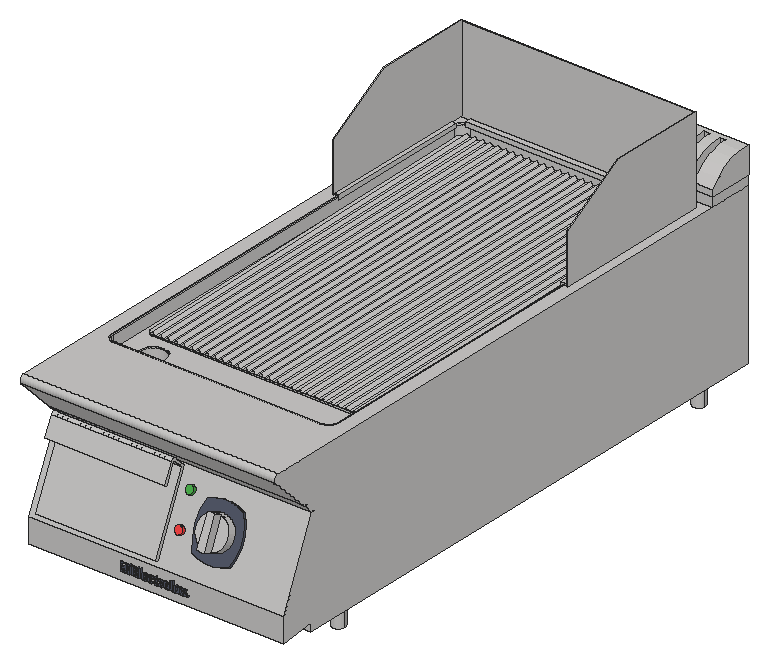
Revit family "QF_ELECTROLUXPROFESSIONAL_391356_E9IILDAOMCA", category Specialty Equipment, Revit 2018
Family settings
  Round Connector Dimension = Use Diameter
  Part Type = Normal
  Work Plane-Based = No
  Always vertical = Yes
  Cut with Voids When Loaded = No
  Shared = No
  Room Calculation Point = No
Parameters
  Width = 400 mm  # constant formula
  Weight in Pounds = 55  # constant formula
  Watts = 0 W
  Volts = 400 V  # constant formula
  URL Cutsheet = "www.electrolux.com"
  URL = "www.electrolux.com"
  Type Mark [instance] = ""
  Status [instance] = ""
  Specification by User [instance] = ""
  Specification by Manufacturer = ""
  Show Logo [instance] = yes
  Show Clearance [instance] = yes
  Serial Number = ""
  Seismic Rating = ""
  SMACNA No = ""
  Revision Code [instance] = ""
  Phase = 3
  Omniclass Number and Title = ""
  Number of Poles [instance] = 1
  NAFEM Spec ID Number = ""
  Model = "391068"
  Min Ckt Ampacity = 0 A
  Max Overcurrent Protection = 0 A
  Masterspec = ""
  Manufacturer = "ELECTROLUX"
  Item Number [instance] = ""
  Installed By [instance] = ""
  Identify Quantity as Lot [instance] = yes
  HP = "10.1 HP"
  Furnished By [instance] = ""
  Foodservice Equipment Identifier [instance] = yes
  FL Amps = if(Phase = 3, Watts / (Volts * 1.73), Watts / Volts)  # 0 A
  Electrical Remarks [instance] = "400 V/3N ph/50/60 Hz"  # constant formula
  Electric Connection Type [instance] = ""
  Elec Conn RI Height [instance] = 0 mm
  Elec Conn Connection Height [instance] = 0 mm
  Direct Waste Size = 0"
  Description = "900XP HALF MODULE ELECTRIC FRY TOP, RIBBED SLOPED PLATE, MILD STEEL - 400V"
  Depth = 930 mm  # constant formula
  Cycle [instance] = if([60 Hertz Option], 60 Hz, 50 Hz)  # 60 Hz
  Conn Plug = ""
  Conn Conduit = yes
  CSI MasterFormat = ""
  CSI Master Format = ""
  Apparent Power = if(Phase = 3, Volts * FL Amps * 1.73, Volts * FL Amps)  # 0 VA
  60 Hertz Option [instance] = not([50 Hertz Option])  # yes
  50 Hertz Option [instance] = no
Reference planes
  plane 1 "BACK": y = 0
  plane 2: z = 0
  plane 3 "LEFT": x = 0
  plane 4 "RIGHT": x = 400
  plane 5 "FRONT": y = -930
  plane 6 "TOP": z = 275
  plane 7 "Center Y": x = 200
  plane 8 "Center X": y = -465
  plane 9: y = -1045
  plane 10: z = 24
  plane 11: z = 290
  plane 12: z = 410
  plane 13: x = 11
  plane 14: x = 389
  plane 15: y = -722.539
Forms (mm)
  Extrusion 1, solid, material "QF_Finishes_Stainless Steel"
    sketch origin (0, 0, 0) x (0, 1, 0) y (0, 0, 1)
      loop
        line (0, 275) -> (-922.686, 275)
        arc (-922.686, 275) -> (-929.443, 270.485) -> (-927.858, 262.514) r 7.314
        line (-927.858, 262.514) -> (-873.907, 208.563) -> (-865.773, 208.563) -> (-865.773, 206.447) -> (-871.79, 206.447) -> (-858.907, 193.563) -> (-850.773, 193.563) -> (-850.773, 191.447) -> (-856.79, 191.447) -> (-913.146, 69.003) -> (-913.146, 30.903) -> (-859.774, 36.513) -> (-859.774, 24) -> (0, 24) -> (0, 275)
    from 0 to 400
  Extrusion 2, solid, material "QF_Finishes_Stainless Steel"
    sketch origin (0, -1, 0) x (1, 0, 0) y (0, 1, 0)
      loop
        circle (11, -82) r 9.525
      loop
        circle (11, -790) r 9.525
      loop
        circle (389, -82) r 9.525
      loop
        circle (389, -790) r 9.525
    from 0 to 24
  Extrusion 3, solid, material "QF_Finishes_Stainless Steel"
    sketch origin (0, 0, 0.362) x (0, 1, 0) y (0, 0, 1)
      loop
        line (0, 289.638) -> (0, 331.738)
        arc (0, 331.738) -> (-38.857, 324.552) -> (-69.85, 300.038) r 82.056
        line (-69.85, 300.038) -> (-69.85, 289.638) -> (0, 289.638)
    from 0 to 400.05
  Extrusion 4, void
    sketch origin (0, 0, 275) x (0, -1, 0) y (1, 0, 0)
      loop
        line (6.761, 29.703) -> (63.911, 29.703) -> (63.911, 38.999) -> (6.761, 38.999) -> (6.761, 29.703)
      loop
        line (63.911, 64.487) -> (6.761, 64.487) -> (6.761, 55.191) -> (63.911, 55.191) -> (63.911, 64.487)
      loop
        line (63.911, 89.975) -> (6.761, 89.975) -> (6.761, 80.68) -> (63.911, 80.68) -> (63.911, 89.975)
      loop
        line (63.911, 115.464) -> (6.761, 115.464) -> (6.761, 106.168) -> (63.911, 106.168) -> (63.911, 115.464)
      loop
        line (63.911, 140.952) -> (6.761, 140.952) -> (6.761, 131.656) -> (63.911, 131.656) -> (63.911, 140.952)
      loop
        line (63.911, 166.44) -> (6.761, 166.44) -> (6.761, 157.145) -> (63.911, 157.145) -> (63.911, 166.44)
      loop
        line (63.911, 191.929) -> (6.761, 191.929) -> (6.761, 182.633) -> (63.911, 182.633) -> (63.911, 191.929)
      loop
        line (63.911, 217.417) -> (6.761, 217.417) -> (6.761, 208.121) -> (63.911, 208.121) -> (63.911, 217.417)
      loop
        line (63.911, 242.905) -> (6.761, 242.905) -> (6.761, 233.61) -> (63.911, 233.61) -> (63.911, 242.905)
      loop
        line (63.911, 268.394) -> (6.761, 268.394) -> (6.761, 259.098) -> (63.911, 259.098) -> (63.911, 268.394)
      loop
        line (63.911, 293.882) -> (6.761, 293.882) -> (6.761, 284.586) -> (63.911, 284.586) -> (63.911, 293.882)
      loop
        line (63.911, 319.37) -> (6.761, 319.37) -> (6.761, 310.075) -> (63.911, 310.075) -> (63.911, 319.37)
      loop
        line (63.911, 344.859) -> (6.761, 344.859) -> (6.761, 335.563) -> (63.911, 335.563) -> (63.911, 344.859)
      loop
        line (63.911, 370.347) -> (6.761, 370.347) -> (6.761, 361.051) -> (63.911, 361.051) -> (63.911, 370.347)
    from 25.4 to 63.5
  Extrusion 5, solid, material "QF_Finishes_Stainless Steel"
    sketch origin (0, 0, 275) x (0, -1, 0) y (1, 0, 0)
      loop
        line (69.85, 0) -> (69.85, 400) -> (0, 400) -> (0, 0) -> (69.85, 0)
    from 0 to 15
  Extrusion 6, solid, material "QF_Finishes_Stainless Steel"
    sketch origin (635, 190.152, 275) x (0, -1, 0) y (1, 0, 0)
      loop
        line (273.542, -252.03) -> (273.542, -617.97) -> (275.13, -617.97) -> (275.13, -252.03) -> (273.542, -252.03)
    from 0 to 135
  Extrusion 7, void
    sketch origin (0, 0, 275) x (0, -1, 0) y (1, 0, 0)
      loop
        arc (92.539, 37.03) -> (96.932, 26.423) -> (107.539, 22.03) r 15
        line (107.539, 22.03) -> (777.539, 22.03)
        arc (777.539, 22.03) -> (788.145, 26.423) -> (792.539, 37.03) r 15
        line (792.539, 37.03) -> (792.539, 362.97)
        arc (792.539, 362.97) -> (788.145, 373.577) -> (777.539, 377.97) r 15
        line (777.539, 377.97) -> (107.539, 377.97)
        arc (107.539, 377.97) -> (96.932, 373.577) -> (92.539, 362.97) r 15
        line (92.539, 362.97) -> (92.539, 37.03)
    from 0 to -21.588
  Sweep 8, solid, material "QF_Finishes_Stainless Steel"
    path origin (0, 0, 0) x (1, 0, 0) y (0, 1, 0)
      loop
        line (22.03, -107.539) -> (22.03, -777.539)
        arc (22.03, -777.539) -> (26.423, -788.145) -> (37.03, -792.539) r 15
        line (37.03, -792.539) -> (362.97, -792.539)
        arc (362.97, -792.539) -> (373.577, -788.145) -> (377.97, -777.539) r 15
        line (377.97, -777.539) -> (377.97, -107.539)
        arc (377.97, -107.539) -> (373.577, -96.932) -> (362.97, -92.539) r 15
        line (362.97, -92.539) -> (37.03, -92.539)
        arc (37.03, -92.539) -> (26.423, -96.932) -> (22.03, -107.539) r 15
    profile origin (22.03, -442.539, 0) x (1, 0, 0) y (0, 0, 1)
      loop
        line (0, 255) -> (1.588, 255) -> (1.588, 272.855)
        arc (1.588, 272.855) -> (1.147, 274.189) -> (0, 275) r 2.242
        line (0, 275) -> (0, 255)
  Extrusion 9, solid, material "QF_Finishes_Stainless Steel"
    sketch origin (0, 0, 0) x (1, 0, 0) y (0, 0, 1)
      loop
        line (17.03, 275.856) -> (23.926, 275.856) -> (23.926, 270.856) -> (25.514, 270.856) -> (25.514, 277.444) -> (17.03, 277.444) -> (17.03, 275.856)
      loop
        line (382.97, 275.856) -> (382.97, 277.444) -> (374.486, 277.444) -> (374.486, 270.856) -> (376.074, 270.856) -> (376.074, 275.856) -> (382.97, 275.856)
    from 105.541 to 335.39
  Extrusion 10, solid, material "QF_Finishes_Stainless Steel"
    sketch origin (0, 0, 0) x (0, 1, 0) y (0, 0, 1)
      loop
        line (-94.126, 270.856) -> (-94.126, 275.856) -> (-84.978, 275.856) -> (-84.978, 277.444) -> (-95.714, 277.444) -> (-95.714, 270.856) -> (-94.126, 270.856)
    from 32.03 to 367.97
  Extrusion 11, solid, material "QF_Finishes_Stainless Steel"
    sketch origin (0, -101.6, 24) x (-1, 0, 0) y (0, 1, 0)
      loop
        circle (-340, -483.4) r 6.35
    from 0 to 5
  Extrusion 12, solid, material "QF_Clearances", visible <- "Show Clearance", detail levels coarse
    sketch origin (0, 0, 0) x (1, 0, 0) y (0, 1, 0)
      loop
        line (0, 0) -> (400, 0) -> (400, -930) -> (500, -930) -> (500, 100) -> (-100, 100) -> (-100, -930) -> (0, -930) -> (0, 0)
    from 0 to 410
  Extrusion 13, solid, material "QF_Finishes_Stainless Steel"
    sketch origin (0, 0, 0) x (0, 1, 0) y (0, 0, 1)
      loop
        line (-792.539, 255) -> (-792.539, 253.413) -> (-92.539, 253.413) -> (-92.539, 255) -> (-792.539, 255)
    from 22.03 to 377.97
  Extrusion 14, solid, material "QF_Finishes_Stainless Steel"
    sketch origin (100, 0, 0) x (0, 1, 0) y (0, 0, 1)
      loop
        line (-858.205, 188.372) -> (-874.612, 204.778)
        arc (-874.612, 204.778) -> (-879.079, 206.181) -> (-882.783, 203.316) r 5.058
        line (-882.783, 203.316) -> (-895.445, 175.806) -> (-892.561, 174.479) -> (-879.899, 201.989)
        arc (-879.899, 201.989) -> (-878.52, 203.055) -> (-876.857, 202.533) r 1.883
        line (-876.857, 202.533) -> (-862.014, 187.69) -> (-912.848, 77.245) -> (-909.964, 75.918) -> (-858.205, 188.372)
    from -89 to 100
  Extrusion 15, solid, material "QF_Door-Drawer Clearances", visible <- "Show Clearance", detail levels coarse
    sketch origin (100, 0, 0) x (0, 1, 0) y (0, 0, 1)
      loop
        line (-1024.713, 174.479) -> (-1012.051, 201.989)
        arc (-1012.051, 201.989) -> (-1010.672, 203.055) -> (-1009.009, 202.533) r 1.883
        line (-1009.009, 202.533) -> (-994.166, 187.69) -> (-1045, 77.245) -> (-1042.116, 75.918) -> (-909.964, 75.918) -> (-858.205, 188.372) -> (-874.612, 204.778)
        arc (-874.612, 204.778) -> (-875.847, 205.685) -> (-877.298, 206.181) r 5.058
        line (-877.298, 206.181) -> (-1011.231, 206.181)
        arc (-1011.231, 206.181) -> (-1013.435, 205.203) -> (-1014.935, 203.316) r 5.058
        line (-1014.935, 203.316) -> (-1027.597, 175.806) -> (-1024.713, 174.479)
    from -89 to 100
  Extrusion 16, void
    sketch origin (0, 0, 0) x (1, 0, 0) y (0, 1, 0)
      loop
        circle (71.879, -758.736) r 20
    from 235.859 to 256.719
  Extrusion 17, solid, material "QF_Finishes_Stainless Steel"
    sketch origin (0, 0, 0) x (0, 1, 0) y (0, 0, 1)
      loop
        line (-83.39, 410) -> (-235.39, 410) -> (-335.39, 352.265) -> (-335.39, 275) -> (-83.39, 275) -> (-83.39, 410)
    from 15.442 to 17.03
  Extrusion 18, solid, material "QF_Finishes_Stainless Steel"
    sketch origin (400, 0, 0) x (0, 1, 0) y (0, 0, -1)
      loop
        line (-83.39, -410) -> (-83.39, -275) -> (-335.39, -275) -> (-335.39, -352.265) -> (-235.39, -410) -> (-83.39, -410)
    from 15.442 to 17.03
  Extrusion 19, solid, material "QF_Finishes_Navy Blue"
    sketch origin (115.456, -912.449, 70.59) x (0, 0.419232, 0.907879) y (-1, 0, 0)
      loop
        arc (102.26, -132.62) -> (66.843, -125.139) -> (31.333, -132.16) r 90.355
        arc (31.333, -132.16) -> (24.504, -161.269) -> (31.333, -190.378) r 65.456
        arc (31.333, -190.378) -> (66.877, -199.452) -> (102.26, -189.765) r 71.728
        arc (102.26, -189.765) -> (108.852, -161.193) -> (102.26, -132.62) r 65.22
    from 0 to 3.175
  Extrusion 20, solid, material "QF_Finishes_Stainless Steel"
    sketch origin (115.456, -916.163, 70.121) x (0, 0.419232, 0.907879) y (-1, 0, 0)
      loop
        circle (68.826, -160.963) r 25.4
    from 0 to 12.7
  Extrusion 21, solid, material "QF_Finishes_Stainless Steel"
    sketch origin (115.456, -927.693, 75.445) x (0, 0.419232, 0.907879) y (-1, 0, 0)
      loop
        arc (93.558, -166.749) -> (94.226, -160.963) -> (93.558, -155.177) r 25.4
        line (93.558, -155.177) -> (44.094, -155.177)
        arc (44.094, -155.177) -> (43.426, -160.963) -> (44.094, -166.749) r 25.4
        line (44.094, -166.749) -> (93.558, -166.749)
    from 0 to 12.7
  Extrusion 22, solid, material "QF_Finishes_Navy Blue", visible <- "Show Logo"
    sketch origin (-142.26, -913.146, 37.253) x (0, 0, 1) y (-1, 0, 0)
      loop
        line (20.674, -296.698) -> (8.307, -296.698)
        arc (8.307, -296.698) -> (14.491, -301.27) -> (20.674, -296.698) r 6.467
      loop
        arc (20.674, -296.069) -> (19.505, -290.926) -> (14.849, -288.448) r 6.338
        line (14.849, -288.448) -> (14.849, -290.494)
        arc (14.849, -290.494) -> (16.333, -294.149) -> (19.778, -296.069) r 5.941
        line (19.778, -296.069) -> (20.674, -296.069)
      loop
        arc (9.203, -296.069) -> (12.648, -294.149) -> (14.132, -290.494) r 5.941
        line (14.132, -290.494) -> (14.132, -288.448)
        arc (14.132, -288.448) -> (9.438, -290.922) -> (8.148, -296.069) r 6.504
        line (8.148, -296.069) -> (9.203, -296.069)
      loop
        line (21.349, -287.979) -> (7.604, -287.979) -> (7.604, -301.742) -> (21.349, -301.742) -> (21.349, -287.979)
      loop
        arc (21.432, -304.71) -> (21.085, -304.352) -> (20.718, -304.69) r 0.358
        arc (20.718, -304.69) -> (20.404, -305.44) -> (19.687, -305.825) r 1.216
        line (19.687, -305.825) -> (9.274, -305.825)
        arc (9.274, -305.825) -> (8.614, -305.548) -> (8.218, -304.951) r 1.238
        arc (8.218, -304.951) -> (7.823, -304.7) -> (7.518, -305.054) r 0.358
        line (7.518, -305.054) -> (7.518, -314.933) -> (10.269, -314.933) -> (10.269, -314.036)
        arc (10.269, -314.036) -> (9.36, -313.456) -> (8.904, -312.479) r 1.928
        line (8.904, -312.479) -> (8.904, -309.98)
        arc (8.904, -309.98) -> (9.18, -309.251) -> (9.868, -308.887) r 1.101
        line (9.868, -308.887) -> (13.955, -308.887) -> (13.955, -312.561)
        arc (13.955, -312.561) -> (13.602, -313.058) -> (13.037, -313.286) r 1.083
        arc (13.037, -313.286) -> (12.773, -313.591) -> (13.065, -313.869) r 0.292
        line (13.065, -313.869) -> (16.028, -313.869)
        arc (16.028, -313.869) -> (16.33, -313.596) -> (16.092, -313.266) r 0.305
        arc (16.092, -313.266) -> (15.601, -313.018) -> (15.296, -312.561) r 1.083
        line (15.296, -312.561) -> (15.296, -308.887) -> (19.973, -308.887) -> (19.973, -312.635)
        arc (19.973, -312.635) -> (19.759, -313.39) -> (19.153, -313.888) r 1.314
        arc (19.153, -313.888) -> (18.934, -314.292) -> (19.288, -314.585) r 0.361
        line (19.288, -314.585) -> (21.432, -314.585) -> (21.432, -304.71)
      loop
        arc (20.715, -315.365) -> (20.335, -316.284) -> (19.416, -316.664) r 1.299
        line (19.416, -316.664) -> (9.837, -316.664)
        arc (9.837, -316.664) -> (8.999, -316.286) -> (8.728, -315.408) r 1.118
        line (8.728, -315.408) -> (7.518, -315.408) -> (7.518, -320.758) -> (8.706, -320.758)
        arc (8.706, -320.758) -> (8.978, -319.841) -> (9.848, -319.445) r 1.153
        line (9.848, -319.445) -> (21.92, -319.445) -> (20.715, -315.365)
      loop
        line (12.483, -323.394) -> (12.483, -329.842) -> (13.282, -329.842)
        arc (13.282, -329.842) -> (15.862, -328.857) -> (17.131, -326.404) r 3.874
        line (17.131, -326.404) -> (17.131, -324.643)
        arc (17.131, -324.643) -> (15.944, -321.778) -> (13.08, -320.592) r 4.051
        line (13.08, -320.592) -> (11.072, -320.592)
        arc (11.072, -320.592) -> (8.253, -322.077) -> (7.202, -325.084) r 4.352
        arc (7.202, -325.084) -> (7.566, -327.547) -> (8.943, -329.621) r 5.713
        line (8.943, -329.621) -> (9.892, -329.621)
        arc (9.892, -329.621) -> (9.16, -328.052) -> (8.943, -326.334) r 5.579
        arc (8.943, -326.334) -> (9.737, -324.371) -> (11.616, -323.394) r 3.057
        line (11.616, -323.394) -> (12.483, -323.394)
      loop
        line (13.742, -323.394) -> (13.742, -326.977)
        arc (13.742, -326.977) -> (15.199, -327.024) -> (16.082, -325.864) r 1.59
        line (16.082, -325.864) -> (16.082, -325.034)
        arc (16.082, -325.034) -> (15.217, -323.779) -> (13.742, -323.394) r 2.184
      loop
        arc (16.533, -339.259) -> (17.022, -337.585) -> (17.179, -335.848) r 9.023
        line (17.179, -335.848) -> (17.179, -334.486)
        arc (17.179, -334.486) -> (16.02, -331.686) -> (13.22, -330.527) r 3.959
        line (13.22, -330.527) -> (10.62, -330.527)
        arc (10.62, -330.527) -> (8.338, -331.819) -> (7.221, -334.192) r 4.331
        line (7.221, -334.192) -> (7.221, -336.327)
        arc (7.221, -336.327) -> (7.729, -337.877) -> (8.651, -339.223) r 5.772
        arc (8.651, -339.223) -> (9.412, -339.274) -> (9.499, -338.515) r 0.553
        arc (9.499, -338.515) -> (9.111, -337.781) -> (8.977, -336.962) r 2.573
        line (8.977, -336.962) -> (8.977, -335.447)
        arc (8.977, -335.447) -> (9.983, -333.806) -> (11.798, -333.163) r 2.884
        line (11.798, -333.163) -> (13.077, -333.163)
        arc (13.077, -333.163) -> (14.898, -333.723) -> (15.824, -335.388) r 2.554
        line (15.824, -335.388) -> (15.824, -336.441)
        arc (15.824, -336.441) -> (15.493, -337.369) -> (14.836, -338.104) r 2.564
        arc (14.836, -338.104) -> (14.614, -338.821) -> (15.223, -339.259) r 0.643
        line (15.223, -339.259) -> (16.533, -339.259)
      loop
        line (15.515, -339.53) -> (15.515, -341.031) -> (9.467, -341.031)
        arc (9.467, -341.031) -> (7.879, -341.688) -> (7.221, -343.276) r 2.246
        line (7.221, -343.276) -> (7.221, -344.86)
        arc (7.221, -344.86) -> (7.535, -345.725) -> (8.035, -346.496) r 4.06
        arc (8.035, -346.496) -> (8.768, -346.629) -> (9.019, -345.928) r 0.576
        arc (9.019, -345.928) -> (8.913, -345.403) -> (8.977, -344.87) r 1.69
        arc (8.977, -344.87) -> (9.519, -344.082) -> (10.425, -343.779) r 1.506
        line (10.425, -343.779) -> (15.563, -343.779) -> (15.563, -346.176) -> (16.119, -346.733) -> (16.941, -346.733) -> (16.941, -343.873) -> (20.172, -343.873) -> (15.515, -339.53)
      loop
        line (7.438, -347.63) -> (7.438, -353.017) -> (8.548, -353.017)
        arc (8.548, -353.017) -> (8.942, -352.066) -> (9.893, -351.672) r 1.345
        line (9.893, -351.672) -> (13.509, -351.672)
        arc (13.509, -351.672) -> (14.274, -352.264) -> (14.564, -353.186) r 1.615
        line (14.564, -353.186) -> (14.564, -354.742) -> (17.119, -355.427) -> (17.119, -354.044) -> (15.177, -351.485) -> (17.057, -351.485) -> (16.773, -348.779)
        arc (16.773, -348.779) -> (16.333, -348.249) -> (15.674, -348.45) r 0.621
        arc (15.674, -348.45) -> (15.274, -348.792) -> (14.78, -348.975) r 1.501
        line (14.78, -348.975) -> (9.893, -348.975)
        arc (9.893, -348.975) -> (8.942, -348.581) -> (8.548, -347.63) r 1.345
        line (8.548, -347.63) -> (7.438, -347.63)
      loop
        line (13.54, -354.964) -> (10.848, -354.964)
        arc (10.848, -354.964) -> (8.403, -356.272) -> (7.269, -358.803) r 4.288
        arc (7.269, -358.803) -> (7.205, -360.183) -> (7.269, -361.563) r 15.022
        arc (7.269, -361.563) -> (8.403, -364.094) -> (10.848, -365.401) r 4.288
        line (10.848, -365.401) -> (13.54, -365.401)
        arc (13.54, -365.401) -> (15.986, -364.094) -> (17.119, -361.563) r 4.288
        arc (17.119, -361.563) -> (17.183, -360.183) -> (17.119, -358.803) r 15.022
        arc (17.119, -358.803) -> (15.986, -356.272) -> (13.54, -354.964) r 4.288
      loop
        line (13.745, -358.078) -> (10.643, -358.078)
        arc (10.643, -358.078) -> (8.486, -360.235) -> (10.643, -362.392) r 2.157
        line (10.643, -362.392) -> (13.745, -362.392)
        arc (13.745, -362.392) -> (15.902, -360.235) -> (13.745, -358.078) r 2.157
      loop
        arc (20.726, -365.26) -> (20.355, -366.154) -> (19.461, -366.524) r 1.264
        line (19.461, -366.524) -> (9.597, -366.524)
        arc (9.597, -366.524) -> (8.727, -366.127) -> (8.455, -365.211) r 1.153
        line (8.455, -365.211) -> (7.518, -365.211) -> (7.518, -370.319) -> (8.446, -370.319)
        arc (8.446, -370.319) -> (8.805, -369.547) -> (9.597, -369.232) r 1.153
        line (9.597, -369.232) -> (21.92, -369.232) -> (20.726, -365.26)
      loop
        arc (15.846, -369.857) -> (15.647, -370.921) -> (14.678, -371.403) r 1.215
        line (14.678, -371.403) -> (9.658, -371.403)
        arc (9.658, -371.403) -> (8.043, -372.051) -> (7.322, -373.634) r 2.338
        line (7.322, -373.634) -> (7.322, -375.148)
        arc (7.322, -375.148) -> (7.497, -376.152) -> (7.999, -377.038) r 2.979
        line (7.999, -377.038) -> (7.518, -378.835) -> (7.518, -380.524) -> (16.943, -380.524) -> (16.649, -376.32) -> (15.863, -376.32)
        arc (15.863, -376.32) -> (15.507, -377.156) -> (14.755, -377.665) r 1.605
        line (14.755, -377.665) -> (9.652, -377.665)
        arc (9.652, -377.665) -> (9.232, -376.728) -> (9.159, -375.704) r 2.94
        arc (9.159, -375.704) -> (9.72, -374.603) -> (10.873, -374.16) r 1.724
        line (10.873, -374.16) -> (17.07, -374.16) -> (15.846, -369.857)
      loop
        line (16.874, -381.377) -> (15.202, -383.423) -> (12.028, -385.729) -> (8.572, -382.617)
        arc (8.572, -382.617) -> (8.335, -382.223) -> (8.357, -381.764) r 0.789
        line (8.357, -381.764) -> (7.518, -381.764) -> (7.518, -385.309) -> (8.344, -385.309)
        arc (8.344, -385.309) -> (8.686, -384.947) -> (9.176, -385.039) r 0.52
        line (9.176, -385.039) -> (10.976, -386.51) -> (8.858, -387.886)
        arc (8.858, -387.886) -> (8.457, -387.576) -> (8.37, -387.076) r 0.7
        line (8.37, -387.076) -> (7.518, -387.076) -> (7.518, -393.003) -> (8.405, -393.003)
        arc (8.405, -393.003) -> (8.472, -392.344) -> (8.866, -391.813) r 1.247
        line (8.866, -391.813) -> (13.066, -388.532) -> (15.513, -390.585) -> (16.874, -392.327) -> (16.874, -388.604) -> (15.389, -389.026) -> (13.868, -387.749) -> (15.568, -386.559) -> (16.874, -387.336) -> (16.874, -381.377)
    from 0 to 1.644
  Extrusion 23, solid, material "QF_Finishes_Green"
    sketch origin (129.198, -908.494, 79.155) x (0, 0.419232, 0.907879) y (-1, 0, 0)
      loop
        circle (94.749, -90.848) r 6.35
    from 0 to 3.175
  Extrusion 24, solid, material "QF_Finishes_Red"
    sketch origin (129.198, -930.457, 31.593) x (0, 0.419232, 0.907879) y (-1, 0, 0)
      loop
        circle (95.112, -90.848) r 6.35
    from 0 to 3.175
  Sweep 25, solid, material "QF_Finishes_Stainless Steel"
    path origin (-397.595, 30.508, -0.106) x (0, 1, 0) y (0, 0, 1)
      loop
        line (-135.915, 265.323) -> (-752.997, 257.106)
    profile origin (-397.595, -413.948, 261.109) x (0, 0.013315, -0.999911) y (1, 0, 0)
      loop
        line (0, 759.22) -> (-3.736, 755.344) -> (0, 751.467) -> (0, 759.22)
      loop
        line (0, 747.086) -> (-3.736, 743.209) -> (0, 739.332) -> (0, 747.086)
      loop
        line (0, 734.951) -> (-3.736, 731.075) -> (0, 727.198) -> (0, 734.951)
      loop
        line (0, 722.817) -> (-3.736, 718.94) -> (0, 715.063) -> (0, 722.817)
      loop
        line (0, 710.682) -> (-3.736, 706.806) -> (0, 702.929) -> (0, 710.682)
      loop
        line (0, 698.548) -> (-3.736, 694.671) -> (0, 690.794) -> (0, 698.548)
      loop
        line (0, 686.413) -> (-3.736, 682.537) -> (0, 678.66) -> (0, 686.413)
      loop
        line (0, 674.279) -> (-3.736, 670.402) -> (0, 666.525) -> (0, 674.279)
      loop
        line (0, 662.144) -> (-3.736, 658.268) -> (0, 654.391) -> (0, 662.144)
      loop
        line (0, 650.01) -> (-3.736, 646.133) -> (0, 642.256) -> (0, 650.01)
      loop
        line (0, 637.875) -> (-3.736, 633.999) -> (0, 630.122) -> (0, 637.875)
      loop
        line (0, 625.741) -> (-3.736, 621.864) -> (0, 617.987) -> (0, 625.741)
      loop
        line (0, 613.606) -> (-3.736, 609.73) -> (0, 605.853) -> (0, 613.606)
      loop
        line (0, 601.472) -> (-3.736, 597.595) -> (0, 593.718) -> (0, 601.472)
      loop
        line (0, 589.337) -> (-3.736, 585.46) -> (0, 581.584) -> (0, 589.337)
      loop
        line (0, 577.203) -> (-3.736, 573.326) -> (0, 569.449) -> (0, 577.203)
      loop
        line (0, 565.068) -> (-3.736, 561.191) -> (0, 557.315) -> (0, 565.068)
      loop
        line (0, 552.934) -> (-3.736, 549.057) -> (0, 545.18) -> (0, 552.934)
      loop
        line (0, 540.799) -> (-3.736, 536.922) -> (0, 533.046) -> (0, 540.799)
      loop
        line (0, 528.665) -> (-3.736, 524.788) -> (0, 520.911) -> (0, 528.665)
      loop
        line (0, 516.53) -> (-3.736, 512.653) -> (0, 508.777) -> (0, 516.53)
      loop
        line (0, 504.396) -> (-3.736, 500.519) -> (0, 496.642) -> (0, 504.396)
      loop
        line (0, 492.261) -> (-3.736, 488.384) -> (0, 484.508) -> (0, 492.261)
      loop
        line (0, 480.127) -> (-3.736, 476.25) -> (0, 472.373) -> (0, 480.127)
      loop
        line (0, 467.992) -> (-3.736, 464.115) -> (0, 460.239) -> (0, 467.992)
      loop
        line (0, 455.857) -> (-3.736, 451.981) -> (0, 448.104) -> (0, 455.857)
      loop
        line (0, 443.723) -> (-3.736, 439.846) -> (0, 435.969) -> (0, 443.723)
  Extrusion 26, solid, material "QF_Finishes_Stainless Steel"
    sketch origin (0, 0, 0) x (0, 1, 0) y (0, 0, 1)
      loop
        line (-722.539, 256.999) -> (-722.539, 255) -> (-105.406, 255) -> (-105.406, 265.217) -> (-722.539, 256.999)
    from 32.03 to 367.97
  Extrusion 27, void
    sketch origin (0, 0, 0) x (1, 0, 0) y (0, 1, 0)
      loop
        line (32.03, -712.539) -> (32.03, -722.539) -> (42.03, -722.539)
        arc (42.03, -722.539) -> (34.958, -719.61) -> (32.03, -712.539) r 10
      loop
        arc (367.97, -712.539) -> (365.042, -719.61) -> (357.97, -722.539) r 10
        line (357.97, -722.539) -> (367.97, -722.539) -> (367.97, -712.539)
      loop
        arc (32.03, -115.406) -> (34.958, -108.335) -> (42.03, -105.406) r 10
        line (42.03, -105.406) -> (32.03, -105.406) -> (32.03, -115.406)
      loop
        line (367.97, -115.406) -> (367.97, -105.406) -> (357.97, -105.406)
        arc (357.97, -105.406) -> (365.042, -108.335) -> (367.97, -115.406) r 10
    from 255 to 270.856
Cuts and joins
  Extrusion 4 cuts Extrusion 3
  Extrusion 7, Extrusion 16 cuts Extrusion 1
  Extrusion 16 cuts Extrusion 13
  Extrusion 27 cuts Extrusion 26
Lines and regions (mm)
  symbolic lines, style "QF_Clearances", visible <- "Show Clearance", detail levels coarse
    curve 1: line (500, -930, 0) -> (500, 100, 0)
    curve 2: line (500, 100, 0) -> (-100, 100, 0)
    curve 3: line (-100, 100, 0) -> (-100, -930, 0)
  symbolic lines, style "QF_Door-Drawer Clearances"
    curve 4: line (11, -930, 0) -> (11, -1045, 0)
    curve 5: line (11, -1045, 0) -> (200, -1045, 0)
    curve 6: line (200, -930, 0) -> (200, -1045, 0)
  symbolic lines
    curve 7: line (0, -930, 0) -> (400, -930, 0)
    curve 8: line (400, -930, 0) -> (400, 0, 0)
    curve 9: line (400, 0, 0) -> (0, 0, 0)
    curve 10: line (0, 0, 0) -> (0, -930, 0)
    curve 11: line (362.97, -792.539, 0) -> (37.03, -792.539, 0)
    curve 12: arc (37.03, -792.539, 0) -> (26.423, -788.145, 0) -> (22.03, -777.539, 0) r 15
    curve 13: line (22.03, -777.539, 0) -> (22.03, -335.39, 0)
    curve 14: arc (22.163, -105.541, 0) -> (25.387, -98.081, 0) -> (32.03, -93.397, 0) r 15
    curve 15: arc (367.97, -93.397, 0) -> (374.613, -98.081, 0) -> (377.837, -105.541, 0) r 15
    curve 16: line (377.97, -335.39, 0) -> (377.97, -777.539, 0)
    curve 17: arc (377.97, -777.539, 0) -> (373.577, -788.145, 0) -> (362.97, -792.539, 0) r 15
    curve 18: line (357.97, -722.539, 0) -> (42.03, -722.539, 0)
    curve 19: arc (42.03, -722.539, 0) -> (34.958, -719.61, 0) -> (32.03, -712.539, 0) r 10
    curve 20: line (32.03, -712.539, 0) -> (32.03, -115.406, 0)
    curve 21: arc (32.03, -115.406, 0) -> (34.958, -108.335, 0) -> (42.03, -105.406, 0) r 10
    curve 22: line (42.03, -105.406, 0) -> (357.97, -105.406, 0)
    curve 23: arc (357.97, -105.406, 0) -> (365.042, -108.335, 0) -> (367.97, -115.406, 0) r 10
    curve 24: line (367.97, -115.406, 0) -> (367.97, -712.539, 0)
    curve 25: arc (367.97, -712.539, 0) -> (365.042, -719.61, 0) -> (357.97, -722.539, 0) r 10
    curve 26: line (15.442, -83.39, 0) -> (15.442, -335.39, 0)
    curve 27: line (384.558, -83.39, 0) -> (15.442, -83.39, 0)
    curve 28: line (384.558, -335.39, 0) -> (384.558, -83.39, 0)
    curve 29: line (367.97, -95.714, 0) -> (367.97, -83.39, 0)
    curve 30: line (32.03, -95.714, 0) -> (367.97, -95.714, 0)
    curve 31: line (32.03, -83.39, 0) -> (32.03, -95.714, 0)
    curve 32: line (384.558, -105.541, 0) -> (374.486, -105.541, 0)
    curve 33: line (25.514, -335.39, 0) -> (25.514, -105.541, 0)
    curve 34: line (15.442, -335.39, 0) -> (25.514, -335.39, 0)
    curve 35: line (374.486, -105.541, 0) -> (374.486, -335.39, 0)
    curve 36: line (374.486, -335.39, 0) -> (384.558, -335.39, 0)
    curve 37: line (25.514, -105.541, 0) -> (15.442, -105.541, 0)
    curve 38: line (38.999, -6.761, 0) -> (38.999, -63.911, 0)
    curve 39: line (38.999, -63.911, 0) -> (29.703, -63.911, 0)
    curve 40: line (29.703, -63.911, 0) -> (29.703, -6.761, 0)
    curve 41: line (29.703, -6.761, 0) -> (38.999, -6.761, 0)
    curve 42: line (55.191, -63.911, 0) -> (55.191, -6.761, 0)
    curve 43: line (55.191, -6.761, 0) -> (64.487, -6.761, 0)
    curve 44: line (64.487, -6.761, 0) -> (64.487, -63.911, 0)
    curve 45: line (64.487, -63.911, 0) -> (55.191, -63.911, 0)
    curve 46: line (89.975, -6.761, 0) -> (89.975, -63.911, 0)
    curve 47: line (89.975, -63.911, 0) -> (80.68, -63.911, 0)
    curve 48: line (80.68, -63.911, 0) -> (80.68, -6.761, 0)
    curve 49: line (80.68, -6.761, 0) -> (89.975, -6.761, 0)
    curve 50: line (115.464, -6.761, 0) -> (115.464, -63.911, 0)
    curve 51: line (115.464, -63.911, 0) -> (106.168, -63.911, 0)
    curve 52: line (106.168, -63.911, 0) -> (106.168, -6.761, 0)
    curve 53: line (106.168, -6.761, 0) -> (115.464, -6.761, 0)
    curve 54: line (140.952, -6.761, 0) -> (140.952, -63.911, 0)
    curve 55: line (140.952, -63.911, 0) -> (131.656, -63.911, 0)
    curve 56: line (131.656, -63.911, 0) -> (131.656, -6.761, 0)
    curve 57: line (131.656, -6.761, 0) -> (140.952, -6.761, 0)
    curve 58: line (166.44, -6.761, 0) -> (166.44, -63.911, 0)
    curve 59: line (166.44, -63.911, 0) -> (157.145, -63.911, 0)
    curve 60: line (157.145, -63.911, 0) -> (157.145, -6.761, 0)
    curve 61: line (157.145, -6.761, 0) -> (166.44, -6.761, 0)
    curve 62: line (191.929, -6.761, 0) -> (191.929, -63.911, 0)
    curve 63: line (191.929, -63.911, 0) -> (182.633, -63.911, 0)
    curve 64: line (182.633, -63.911, 0) -> (182.633, -6.761, 0)
    curve 65: line (182.633, -6.761, 0) -> (191.929, -6.761, 0)
    curve 66: line (208.121, -63.911, 0) -> (208.121, -6.761, 0)
    curve 67: line (208.121, -6.761, 0) -> (217.417, -6.761, 0)
    curve 68: line (217.417, -6.761, 0) -> (217.417, -63.911, 0)
    curve 69: line (217.417, -63.911, 0) -> (208.121, -63.911, 0)
    curve 70: line (367.97, -83.39, 0) -> (367.97, -95.714, 0)
    curve 71: line (361.001, -6.761, 0) -> (361.001, -63.911, 0)
    curve 72: line (361.001, -63.911, 0) -> (370.297, -63.911, 0)
    curve 73: line (370.297, -63.911, 0) -> (370.297, -6.761, 0)
    curve 74: line (370.297, -6.761, 0) -> (361.001, -6.761, 0)
    curve 75: line (344.809, -63.911, 0) -> (344.809, -6.761, 0)
    curve 76: line (344.809, -6.761, 0) -> (335.513, -6.761, 0)
    curve 77: line (335.513, -6.761, 0) -> (335.513, -63.911, 0)
    curve 78: line (335.513, -63.911, 0) -> (344.809, -63.911, 0)
    curve 79: line (310.025, -6.761, 0) -> (310.025, -63.911, 0)
    curve 80: line (310.025, -63.911, 0) -> (319.32, -63.911, 0)
    curve 81: line (319.32, -63.911, 0) -> (319.32, -6.761, 0)
    curve 82: line (319.32, -6.761, 0) -> (310.025, -6.761, 0)
    curve 83: line (284.536, -6.761, 0) -> (284.536, -63.911, 0)
    curve 84: line (284.536, -63.911, 0) -> (293.832, -63.911, 0)
    curve 85: line (293.832, -63.911, 0) -> (293.832, -6.761, 0)
    curve 86: line (293.832, -6.761, 0) -> (284.536, -6.761, 0)
    curve 87: line (259.048, -6.761, 0) -> (259.048, -63.911, 0)
    curve 88: line (259.048, -63.911, 0) -> (268.344, -63.911, 0)
    curve 89: line (268.344, -63.911, 0) -> (268.344, -6.761, 0)
    curve 90: line (268.344, -6.761, 0) -> (259.048, -6.761, 0)
    curve 91: line (233.56, -6.761, 0) -> (233.56, -63.911, 0)
    curve 92: line (233.56, -63.911, 0) -> (242.855, -63.911, 0)
    curve 93: line (242.855, -63.911, 0) -> (242.855, -6.761, 0)
    curve 94: line (242.855, -6.761, 0) -> (233.56, -6.761, 0)
    curve 95: arc (51.879, -758.736, 0) -> (71.879, -738.736, 0) -> (91.879, -758.736, 0) r 20
    curve 96: arc (51.879, -758.736, 0) -> (71.879, -778.736, 0) -> (91.879, -758.736, 0) r 20
    curve 97: line (42.251, -105.456, 0) -> (42.251, -722.539, 0)
    curve 98: line (54.386, -105.406, 0) -> (54.386, -722.539, 0)
    curve 99: line (66.52, -105.406, 0) -> (66.52, -722.539, 0)
    curve 100: line (78.655, -105.406, 0) -> (78.655, -722.539, 0)
    curve 101: line (90.789, -105.406, 0) -> (90.789, -722.539, 0)
    curve 102: line (102.924, -105.406, 0) -> (102.924, -722.539, 0)
    curve 103: line (115.058, -105.406, 0) -> (115.058, -722.539, 0)
    curve 104: line (127.193, -105.406, 0) -> (127.193, -722.539, 0)
    curve 105: line (139.327, -105.406, 0) -> (139.327, -722.539, 0)
    curve 106: line (151.462, -105.406, 0) -> (151.462, -722.539, 0)
    curve 107: line (163.596, -105.406, 0) -> (163.596, -722.539, 0)
    curve 108: line (175.731, -105.406, 0) -> (175.731, -722.539, 0)
    curve 109: line (187.865, -105.406, 0) -> (187.865, -722.539, 0)
    curve 110: line (200, -105.406, 0) -> (200, -722.539, 0)
    curve 111: line (212.135, -105.406, 0) -> (212.135, -722.539, 0)
    curve 112: line (224.269, -105.406, 0) -> (224.269, -722.539, 0)
    curve 113: line (236.404, -105.406, 0) -> (236.404, -722.539, 0)
    curve 114: line (248.538, -105.406, 0) -> (248.538, -722.539, 0)
    curve 115: line (260.673, -105.406, 0) -> (260.673, -722.539, 0)
    curve 116: line (272.807, -105.406, 0) -> (272.807, -722.539, 0)
    curve 117: line (284.942, -105.406, 0) -> (284.942, -722.539, 0)
    curve 118: line (297.076, -105.406, 0) -> (297.076, -722.539, 0)
    curve 119: line (309.211, -105.406, 0) -> (309.211, -722.539, 0)
    curve 120: line (321.345, -105.406, 0) -> (321.345, -722.539, 0)
    curve 121: line (333.48, -105.406, 0) -> (333.48, -722.539, 0)
    curve 122: line (345.614, -105.406, 0) -> (345.614, -722.539, 0)
    curve 123: line (357.749, -105.406, 0) -> (357.749, -722.539, 0)
    curve 124: line (0, -69.85, 0) -> (400, -69.85, 0)
Dimensions and locks
  equal spacing: plane 3 "LEFT", plane 7 "Center Y", plane 4 "RIGHT"
  "Width": plane 3 "LEFT" to plane 4 "RIGHT"
  equal spacing: plane 5 "FRONT", plane 8 "Center X", plane 1 "BACK"
  "Depth": plane 5 "FRONT" to plane 1 "BACK"
  plane 6 "TOP" to level = 275 mm
  plane 1 "BACK" to plane 9 = 1045 mm  (x2)
  plane 10 to level = 24 mm  (x2)
  plane 11 to plane 10 = 266 mm
  plane 6 "TOP" to plane 10 = 251 mm
  plane 12 to level = 410 mm  (x2)
  plane 12 to plane 10 = 386 mm
  plane 13 to plane 3 "LEFT" = 11 mm
  locked: plane 14 to plane 4 "RIGHT" at 11
  plane 1 "BACK" to plane 5 "FRONT" = 930 mm
  Extrusion 11 to plane 10 = 5 mm
  plane 1 "BACK" to Extrusion 11 = 585 mm
  plane 1 "BACK" to Extrusion 2 to Extrusion 2 to plane 5 "FRONT" = 83 mm, 708 mm, 139 mm
  plane 13 to plane 14 = 378 mm
  plane 1 "BACK" to curve 2 = 100 mm
  plane 4 "RIGHT" to curve 1 = 100 mm
  curve 3 to plane 3 "LEFT" = 100 mm
  Extrusion 11 sketch curve to plane 4 "RIGHT" = 60 mm
  aligned and locked: level to plane 2
  aligned and locked: Extrusion 1 to plane 4 "RIGHT"
Automatic sketch dimensions
  Extrusion 1 sketch curve to plane 6 "TOP" = 0 mm
  Extrusion 1 sketch curve to plane 10 = 0 mm
  Extrusion 1 sketch curve to plane 1 "BACK" = 0 mm
  Extrusion 1 sketch curve to plane 5 "FRONT" = 79.227 mm
  Extrusion 1 sketch curve to Extrusion 1 sketch curve = 6.017 mm  (x2)
  Extrusion 1 sketch curve to Extrusion 1 sketch curve = 2.117 mm  (x4)
  plane 10 to Extrusion 1 sketch curve = 12.513 mm
  Extrusion 1 sketch curve to plane 5 "FRONT" = 70.226 mm
  Extrusion 1 sketch curve to Extrusion 1 sketch curve = 6.866 mm
  Extrusion 1 sketch curve to plane 5 "FRONT" = 16.854 mm
  Extrusion 1 sketch curve to plane 5 "FRONT" = 7.314 mm
  Extrusion 1 sketch curve to plane 5 "FRONT" = 2.142 mm
  plane 10 to Extrusion 1 sketch curve = 6.903 mm
  Extrusion 1 sketch curve to Extrusion 1 sketch curve = 38.1 mm
  Extrusion 1 sketch curve to plane 6 "TOP" = 83.553 mm
  Extrusion 1 sketch curve to Extrusion 1 sketch curve = 12.883 mm
  Extrusion 1 sketch curve to plane 6 "TOP" = 12.486 mm
  Extrusion 2 sketch curve to plane 13 = 0 mm  (x2)
  Extrusion 2 sketch curve to plane 14 = 0 mm  (x2)
  Extrusion 2 sketch curve to plane 5 "FRONT" = 139 mm  (x2)
  plane 1 "BACK" to Extrusion 2 sketch curve = 83 mm  (x2)
  Extrusion 3 sketch curve to plane 11 = 0 mm
  Extrusion 3 sketch curve to plane 1 "BACK" = 0 mm
  plane 1 "BACK" to Extrusion 3 sketch curve = 4.947 mm
  plane 11 to Extrusion 3 sketch curve = 10.4 mm
  plane 1 "BACK" to Extrusion 3 sketch curve = 69.85 mm
  Extrusion 3 sketch curve to plane 6 "TOP" = 24.807 mm
  plane 1 "BACK" to Extrusion 4 sketch curve = 6.761 mm  (x14)
  plane 7 "Center Y" to Extrusion 4 sketch curve = 17.417 mm
  Extrusion 4 sketch curve to Extrusion 4 sketch curve = 57.15 mm
  Extrusion 4 sketch curve to plane 7 "Center Y" = 8.071 mm
  Extrusion 4 sketch curve to Extrusion 4 sketch curve = 0 mm  (x13)
  Extrusion 4 sketch curve to Extrusion 4 sketch curve = 9.296 mm  (x13)
  Extrusion 4 sketch curve to Extrusion 4 sketch curve = 16.193 mm  (x12)
  plane 7 "Center Y" to Extrusion 4 sketch curve = 8.121 mm
  plane 13 to Sweep 8 sketch curve = 11.03 mm
  Sweep 8 sketch curve to Sweep 8 sketch curve = 15 mm  (x2)
  plane 14 to Sweep 8 sketch curve = 26.03 mm  (x2)
  plane 14 to Sweep 8 sketch curve = 11.03 mm
  Sweep 8 sketch curve to plane 5 "FRONT" = 137.461 mm
  plane 1 "BACK" to Sweep 8 sketch curve = 107.539 mm
  profile plane to Sweep 8 sketch curve = 0 mm
  profile plane to Sweep 8 sketch curve = 0.655 mm
  Sweep 8 sketch curve to profile plane = 1.588 mm
  level to Sweep 8 sketch curve = 255 mm
  Sweep 8 sketch curve to Sweep 8 sketch curve = 17.855 mm
  plane 6 "TOP" to Extrusion 9 sketch curve = 0.856 mm  (x2)
  plane 13 to Extrusion 9 sketch curve = 6.03 mm
  Extrusion 9 sketch curve to plane 6 "TOP" = 4.144 mm  (x2)
  Extrusion 9 sketch curve to Extrusion 9 sketch curve = 6.896 mm
  Extrusion 9 sketch curve to Extrusion 9 sketch curve = 1.588 mm  (x3)
  plane 14 to Extrusion 9 sketch curve = 14.514 mm
  plane 6 "TOP" to Extrusion 9 sketch curve = 2.444 mm
  plane 14 to Extrusion 9 sketch curve = 6.03 mm
  plane 6 "TOP" to Extrusion 10 sketch curve = 2.444 mm
  plane 1 "BACK" to Extrusion 10 sketch curve = 95.714 mm
  Extrusion 10 sketch curve to Extrusion 10 sketch curve = 1.588 mm
  Extrusion 10 sketch curve to Extrusion 10 sketch curve = 9.149 mm
  plane 6 "TOP" to Extrusion 10 sketch curve = 0.856 mm
  Extrusion 10 sketch curve to plane 6 "TOP" = 4.144 mm
  Extrusion 13 sketch curve to plane 6 "TOP" = 21.587 mm
  Extrusion 13 sketch curve to plane 5 "FRONT" = 137.461 mm
  plane 1 "BACK" to Extrusion 13 sketch curve = 92.539 mm
  Extrusion 13 sketch curve to Extrusion 13 sketch curve = 1.587 mm
  Extrusion 13 sketch curve to plane 6 "TOP" = 20 mm
  Extrusion 14 sketch curve to Extrusion 14 sketch curve = 0 mm  (x2)
  Extrusion 14 sketch curve to plane 5 "FRONT" = 17.152 mm
  Extrusion 14 sketch curve to Extrusion 14 sketch curve = 2.884 mm  (x3)
  Extrusion 14 sketch curve to plane 5 "FRONT" = 34.555 mm
  Extrusion 14 sketch curve to Extrusion 14 sketch curve = 12.662 mm
  Extrusion 14 sketch curve to Extrusion 14 sketch curve = 1.711 mm
  Extrusion 14 sketch curve to Extrusion 14 sketch curve = 1.332 mm
  Extrusion 14 sketch curve to Extrusion 14 sketch curve = 2.245 mm
  Extrusion 14 sketch curve to Extrusion 14 sketch curve = 14.843 mm
  Extrusion 14 sketch curve to Extrusion 14 sketch curve = 3.809 mm
  plane 10 to Extrusion 14 sketch curve = 51.918 mm
  Extrusion 14 sketch curve to Extrusion 14 sketch curve = 1.327 mm  (x2)
  Extrusion 14 sketch curve to Extrusion 14 sketch curve = 13.211 mm
  Extrusion 14 sketch curve to Extrusion 14 sketch curve = 0.787 mm
  Extrusion 15 sketch curve to Extrusion 15 sketch curve = 0 mm  (x2)
  Extrusion 15 sketch curve to plane 9 = 0 mm
  plane 9 to Extrusion 15 sketch curve = 2.884 mm
  plane 9 to Extrusion 15 sketch curve = 17.403 mm
  Extrusion 15 sketch curve to Extrusion 15 sketch curve = 2.884 mm  (x2)
  plane 9 to Extrusion 15 sketch curve = 30.065 mm
  Extrusion 15 sketch curve to Extrusion 15 sketch curve = 0.82 mm
  Extrusion 15 sketch curve to Extrusion 15 sketch curve = 1.711 mm
  Extrusion 15 sketch curve to Extrusion 15 sketch curve = 1.332 mm
  Extrusion 15 sketch curve to Extrusion 15 sketch curve = 14.843 mm
  Extrusion 15 sketch curve to plane 5 "FRONT" = 20.036 mm
  Extrusion 15 sketch curve to plane 5 "FRONT" = 51.812 mm
  Extrusion 15 sketch curve to Extrusion 15 sketch curve = 0.891 mm
  Extrusion 15 sketch curve to Extrusion 15 sketch curve = 2.686 mm
  Extrusion 15 sketch curve to Extrusion 15 sketch curve = 16.406 mm
  plane 10 to Extrusion 15 sketch curve = 51.918 mm
  Extrusion 15 sketch curve to Extrusion 15 sketch curve = 1.327 mm  (x2)
  Extrusion 15 sketch curve to Extrusion 15 sketch curve = 13.211 mm
  Extrusion 15 sketch curve to plane 6 "TOP" = 86.628 mm
  Extrusion 15 sketch curve to Extrusion 15 sketch curve = 0.787 mm
  Extrusion 15 sketch curve to Extrusion 15 sketch curve = 4.979 mm
  Extrusion 17 sketch curve to plane 6 "TOP" = 0 mm
  Extrusion 17 sketch curve to plane 12 = 0 mm
  Extrusion 17 sketch curve to plane 12 = 57.735 mm
  plane 8 "Center X" to Extrusion 17 sketch curve = 129.61 mm
  Extrusion 17 sketch curve to Extrusion 17 sketch curve = 100 mm
  plane 1 "BACK" to Extrusion 17 sketch curve = 83.39 mm
  Extrusion 18 sketch curve to plane 6 "TOP" = 0 mm
  Extrusion 18 sketch curve to plane 12 = 0 mm
  Extrusion 18 sketch curve to plane 12 = 57.735 mm
  plane 8 "Center X" to Extrusion 18 sketch curve = 129.61 mm
  Extrusion 18 sketch curve to Extrusion 18 sketch curve = 100 mm
  plane 1 "BACK" to Extrusion 18 sketch curve = 83.39 mm
  plane 13 to Extrusion 16 sketch curve = 60.879 mm
  Extrusion 16 sketch curve to plane 5 "FRONT" = 171.264 mm
  plane 7 "Center Y" to Extrusion 19 sketch curve = 47.616 mm
  Extrusion 19 sketch curve to Extrusion 19 sketch curve = 0 mm
  Extrusion 19 sketch curve to Extrusion 19 sketch curve = 12.3 mm  (x3)
  Extrusion 19 sketch curve to Extrusion 19 sketch curve = 34.925 mm  (x2)
  Extrusion 19 sketch curve to Extrusion 19 sketch curve = 23.703 mm
  Extrusion 19 sketch curve to Extrusion 19 sketch curve = 0.46 mm
  Extrusion 19 sketch curve to Extrusion 19 sketch curve = 29.032 mm
  Extrusion 19 sketch curve to Extrusion 19 sketch curve = 28.496 mm
  Extrusion 21 sketch curve to Extrusion 21 sketch curve = 24.732 mm
  Extrusion 21 sketch curve to Extrusion 21 sketch curve = 0 mm
  plane 10 to Extrusion 22 sketch curve = 15.413 mm
  plane 10 to Extrusion 22 sketch curve = 20.454 mm
  plane 7 "Center Y" to Extrusion 22 sketch curve = 2.6 mm
  Extrusion 22 sketch curve to Extrusion 22 sketch curve = 5.06 mm
  Extrusion 22 sketch curve to Extrusion 22 sketch curve = 0 mm  (x28)
  Extrusion 22 sketch curve to Extrusion 22 sketch curve = 5.108 mm  (x2)
  Extrusion 22 sketch curve to Extrusion 22 sketch curve = 0.054 mm
  Extrusion 22 sketch curve to Extrusion 22 sketch curve = 0.218 mm
  Extrusion 22 sketch curve to Extrusion 22 sketch curve = 0.195 mm
  Extrusion 22 sketch curve to Extrusion 22 sketch curve = 0.249 mm
  Extrusion 22 sketch curve to Extrusion 22 sketch curve = 0.316 mm
  Extrusion 22 sketch curve to Extrusion 22 sketch curve = 0.087 mm
  Extrusion 22 sketch curve to Extrusion 22 sketch curve = 0.358 mm
  Extrusion 22 sketch curve to Extrusion 22 sketch curve = 0.481 mm
  Extrusion 22 sketch curve to Extrusion 22 sketch curve = 0.597 mm
  Extrusion 22 sketch curve to Extrusion 22 sketch curve = 0.544 mm
  Extrusion 22 sketch curve to Extrusion 22 sketch curve = 0.936 mm
  Extrusion 22 sketch curve to Extrusion 22 sketch curve = 0.594 mm
  Extrusion 22 sketch curve to Extrusion 22 sketch curve = 0.343 mm
  Extrusion 22 sketch curve to Extrusion 22 sketch curve = 0.159 mm
  Extrusion 22 sketch curve to Extrusion 22 sketch curve = 0.826 mm
  Extrusion 22 sketch curve to Extrusion 22 sketch curve = 0.839 mm
  Extrusion 22 sketch curve to Extrusion 22 sketch curve = 0.852 mm
  Extrusion 22 sketch curve to Extrusion 22 sketch curve = 0.887 mm
  Extrusion 22 sketch curve to Extrusion 22 sketch curve = 0.928 mm
  Extrusion 22 sketch curve to Extrusion 22 sketch curve = 0.938 mm
  Extrusion 22 sketch curve to Extrusion 22 sketch curve = 0.444 mm
  Extrusion 22 sketch curve to Extrusion 22 sketch curve = 1.11 mm  (x3)
  Extrusion 22 sketch curve to Extrusion 22 sketch curve = 0.215 mm
  Extrusion 22 sketch curve to Extrusion 22 sketch curve = 1.43 mm
  Extrusion 22 sketch curve to Extrusion 22 sketch curve = 1.188 mm
  Extrusion 22 sketch curve to Extrusion 22 sketch curve = 1.21 mm  (x2)
  Extrusion 22 sketch curve to Extrusion 22 sketch curve = 0.503 mm
  Extrusion 22 sketch curve to Extrusion 22 sketch curve = 0.488 mm
  Extrusion 22 sketch curve to Extrusion 22 sketch curve = 0.462 mm
  Extrusion 22 sketch curve to Extrusion 22 sketch curve = 1.386 mm
  Extrusion 22 sketch curve to Extrusion 22 sketch curve = 1.742 mm  (x2)
  Extrusion 22 sketch curve to Extrusion 22 sketch curve = 0.821 mm
  Extrusion 22 sketch curve to Extrusion 22 sketch curve = 0.497 mm
  Extrusion 22 sketch curve to Extrusion 22 sketch curve = 0.539 mm
  Extrusion 22 sketch curve to Extrusion 22 sketch curve = 0.686 mm
  Extrusion 22 sketch curve to Extrusion 22 sketch curve = 0.408 mm
  Extrusion 22 sketch curve to Extrusion 22 sketch curve = 0.743 mm
  Extrusion 22 sketch curve to Extrusion 22 sketch curve = 1.16 mm
  Extrusion 22 sketch curve to Extrusion 22 sketch curve = 0.329 mm
  Extrusion 22 sketch curve to Extrusion 22 sketch curve = 1.054 mm
  Extrusion 22 sketch curve to Extrusion 22 sketch curve = 1.056 mm
  Extrusion 22 sketch curve to Extrusion 22 sketch curve = 0.129 mm
  Extrusion 22 sketch curve to Extrusion 22 sketch curve = 0.489 mm
  Extrusion 22 sketch curve to Extrusion 22 sketch curve = 0.441 mm
  Extrusion 22 sketch curve to Extrusion 22 sketch curve = 1.151 mm
  Extrusion 22 sketch curve to Extrusion 22 sketch curve = 1.141 mm  (x2)
  Extrusion 22 sketch curve to Extrusion 22 sketch curve = 0.768 mm
  Extrusion 22 sketch curve to Extrusion 22 sketch curve = 1.653 mm
  Extrusion 22 sketch curve to Extrusion 22 sketch curve = 0.499 mm
  Extrusion 22 sketch curve to Extrusion 22 sketch curve = 0.964 mm
  Extrusion 22 sketch curve to Extrusion 22 sketch curve = 0.949 mm
  Extrusion 22 sketch curve to Extrusion 22 sketch curve = 1.345 mm  (x2)
  Extrusion 22 sketch curve to Extrusion 22 sketch curve = 1.101 mm
  Extrusion 22 sketch curve to Extrusion 22 sketch curve = 0.432 mm
  Extrusion 22 sketch curve to Extrusion 22 sketch curve = 1.142 mm
  Extrusion 22 sketch curve to Extrusion 22 sketch curve = 0.959 mm
  Extrusion 22 sketch curve to Extrusion 22 sketch curve = 0.176 mm
  Extrusion 22 sketch curve to Extrusion 22 sketch curve = 0.728 mm
  Extrusion 22 sketch curve to Extrusion 22 sketch curve = 3.375 mm  (x2)
  Extrusion 22 sketch curve to Extrusion 22 sketch curve = 0.541 mm
  Extrusion 22 sketch curve to Extrusion 22 sketch curve = 0.955 mm
  Extrusion 22 sketch curve to Extrusion 22 sketch curve = 1.251 mm
  Extrusion 22 sketch curve to Extrusion 22 sketch curve = 0.572 mm
  Extrusion 22 sketch curve to Extrusion 22 sketch curve = 1.92 mm
  Extrusion 22 sketch curve to Extrusion 22 sketch curve = 1.224 mm
  Extrusion 22 sketch curve to Extrusion 22 sketch curve = 0.745 mm
  Extrusion 22 sketch curve to Extrusion 22 sketch curve = 2.537 mm
  Extrusion 22 sketch curve to Extrusion 22 sketch curve = 0.896 mm  (x3)
  Extrusion 22 sketch curve to Extrusion 22 sketch curve = 0.036 mm
  Extrusion 22 sketch curve to Extrusion 22 sketch curve = 2.607 mm
  Extrusion 22 sketch curve to Extrusion 22 sketch curve = 0.066 mm
  Extrusion 22 sketch curve to Extrusion 22 sketch curve = 0.248 mm
  Extrusion 22 sketch curve to Extrusion 22 sketch curve = 0.449 mm
  Extrusion 22 sketch curve to Extrusion 22 sketch curve = 1.052 mm
  Extrusion 22 sketch curve to Extrusion 22 sketch curve = 1.863 mm
  Extrusion 22 sketch curve to Extrusion 22 sketch curve = 1.31 mm  (x2)
  Extrusion 22 sketch curve to Extrusion 22 sketch curve = 0.901 mm
  Extrusion 22 sketch curve to Extrusion 22 sketch curve = 1.107 mm
  Extrusion 22 sketch curve to Extrusion 22 sketch curve = 2.122 mm
  Extrusion 22 sketch curve to Extrusion 22 sketch curve = 2.101 mm
  Extrusion 22 sketch curve to Extrusion 22 sketch curve = 0.106 mm
  Extrusion 22 sketch curve to Extrusion 22 sketch curve = 0.029 mm
  Extrusion 22 sketch curve to Extrusion 22 sketch curve = 2.09 mm
  Extrusion 22 sketch curve to Extrusion 22 sketch curve = 1.279 mm
  Extrusion 22 sketch curve to Extrusion 22 sketch curve = 2.008 mm
  Extrusion 22 sketch curve to Extrusion 22 sketch curve = 0.738 mm
  Extrusion 22 sketch curve to Extrusion 22 sketch curve = 0.382 mm
  Extrusion 22 sketch curve to Extrusion 22 sketch curve = 0.384 mm
  Extrusion 22 sketch curve to Extrusion 22 sketch curve = 0.002 mm
  Extrusion 22 sketch curve to Extrusion 22 sketch curve = 0.561 mm
  Extrusion 22 sketch curve to Extrusion 22 sketch curve = 0.592 mm
  Extrusion 22 sketch curve to Extrusion 22 sketch curve = 2.692 mm
  Extrusion 22 sketch curve to Extrusion 22 sketch curve = 1.259 mm
  Extrusion 22 sketch curve to Extrusion 22 sketch curve = 0.802 mm
  Extrusion 22 sketch curve to Extrusion 22 sketch curve = 1.024 mm
  Extrusion 22 sketch curve to Extrusion 22 sketch curve = 0.682 mm
  Extrusion 22 sketch curve to Extrusion 22 sketch curve = 5.934 mm
  Extrusion 22 sketch curve to Extrusion 22 sketch curve = 2.186 mm
  Extrusion 22 sketch curve to Extrusion 22 sketch curve = 0.337 mm
  Extrusion 22 sketch curve to Extrusion 22 sketch curve = 0.021 mm
  Extrusion 22 sketch curve to Extrusion 22 sketch curve = 1.005 mm
  Extrusion 22 sketch curve to Extrusion 22 sketch curve = 0.552 mm
  Extrusion 22 sketch curve to Extrusion 22 sketch curve = 0.778 mm
  Extrusion 22 sketch curve to Extrusion 22 sketch curve = 0.063 mm
  Extrusion 22 sketch curve to Extrusion 22 sketch curve = 1.023 mm
  Extrusion 22 sketch curve to Extrusion 22 sketch curve = 3.804 mm
  Extrusion 22 sketch curve to Extrusion 22 sketch curve = 0.486 mm
  Extrusion 22 sketch curve to Extrusion 22 sketch curve = 0.266 mm  (x2)
  Extrusion 22 sketch curve to Extrusion 22 sketch curve = 1.547 mm
  Extrusion 22 sketch curve to Extrusion 22 sketch curve = 0.717 mm  (x2)
  Extrusion 22 sketch curve to Extrusion 22 sketch curve = 1.667 mm
  Extrusion 22 sketch curve to Extrusion 22 sketch curve = 3.174 mm
  Extrusion 22 sketch curve to Extrusion 22 sketch curve = 0.388 mm
  Extrusion 22 sketch curve to Extrusion 22 sketch curve = 1.342 mm
  Extrusion 22 sketch curve to Extrusion 22 sketch curve = 1.521 mm
  Extrusion 22 sketch curve to Extrusion 22 sketch curve = 0.124 mm
  Extrusion 22 sketch curve to Extrusion 22 sketch curve = 0.291 mm
  plane 7 "Center Y" to Extrusion 22 sketch curve = 3.916 mm
  Extrusion 22 sketch curve to Extrusion 22 sketch curve = 1.049 mm  (x2)
  Extrusion 22 sketch curve to Extrusion 22 sketch curve = 1.7 mm
  Extrusion 22 sketch curve to Extrusion 22 sketch curve = 0.894 mm
  Extrusion 22 sketch curve to Extrusion 22 sketch curve = 0.989 mm
  Extrusion 22 sketch curve to Extrusion 22 sketch curve = 1.168 mm
  Extrusion 22 sketch curve to Extrusion 22 sketch curve = 1.594 mm
  Extrusion 22 sketch curve to Extrusion 22 sketch curve = 0.731 mm
  Extrusion 22 sketch curve to Extrusion 22 sketch curve = 1.566 mm
  Extrusion 22 sketch curve to Extrusion 22 sketch curve = 0.064 mm
  plane 7 "Center Y" to Extrusion 22 sketch curve = 4.472 mm
  Extrusion 22 sketch curve to Extrusion 22 sketch curve = 0.556 mm  (x2)
  Extrusion 22 sketch curve to Extrusion 22 sketch curve = 0.48 mm
  Extrusion 22 sketch curve to Extrusion 22 sketch curve = 0.228 mm
  Extrusion 22 sketch curve to Extrusion 22 sketch curve = 1.018 mm
  Extrusion 22 sketch curve to Extrusion 22 sketch curve = 0.787 mm
  Extrusion 22 sketch curve to Extrusion 22 sketch curve = 0.618 mm
  Extrusion 22 sketch curve to Extrusion 22 sketch curve = 1.672 mm
  Extrusion 22 sketch curve to Extrusion 22 sketch curve = 1.361 mm
  Extrusion 22 sketch curve to Extrusion 22 sketch curve = 0.822 mm
  Extrusion 22 sketch curve to Extrusion 22 sketch curve = 0.069 mm
  Extrusion 22 sketch curve to Extrusion 22 sketch curve = 1.88 mm
  Extrusion 22 sketch curve to Extrusion 22 sketch curve = 0.42 mm
  Extrusion 22 sketch curve to Extrusion 22 sketch curve = 0.062 mm
  Extrusion 22 sketch curve to Extrusion 22 sketch curve = 1.355 mm
  Extrusion 22 sketch curve to Extrusion 22 sketch curve = 2.34 mm
  Extrusion 22 sketch curve to Extrusion 22 sketch curve = 0.493 mm
  Extrusion 22 sketch curve to Extrusion 22 sketch curve = 0.136 mm
  Extrusion 22 sketch curve to Extrusion 22 sketch curve = 0.128 mm
  Extrusion 22 sketch curve to Extrusion 22 sketch curve = 3.616 mm
  Extrusion 22 sketch curve to Extrusion 22 sketch curve = 4.207 mm
  Extrusion 22 sketch curve to Extrusion 22 sketch curve = 0.183 mm
  Extrusion 22 sketch curve to Extrusion 22 sketch curve = 0.895 mm
  Extrusion 22 sketch curve to Extrusion 22 sketch curve = 1.314 mm
  plane 7 "Center Y" to Extrusion 22 sketch curve = 1.612 mm
  Extrusion 22 sketch curve to Extrusion 22 sketch curve = 3.231 mm
  Extrusion 22 sketch curve to Extrusion 22 sketch curve = 1.299 mm
  Extrusion 22 sketch curve to Extrusion 22 sketch curve = 1.214 mm
  Extrusion 22 sketch curve to Extrusion 22 sketch curve = 1.264 mm
  Extrusion 22 sketch curve to Extrusion 22 sketch curve = 0.109 mm
  Extrusion 22 sketch curve to Extrusion 22 sketch curve = 0.357 mm
  Extrusion 22 sketch curve to Extrusion 22 sketch curve = 0.565 mm
  Extrusion 22 sketch curve to Extrusion 22 sketch curve = 2.504 mm
  Extrusion 22 sketch curve to Extrusion 22 sketch curve = 2.459 mm
  Extrusion 22 sketch curve to Extrusion 22 sketch curve = 1.322 mm
  Extrusion 22 sketch curve to Extrusion 22 sketch curve = 2.77 mm
  Extrusion 22 sketch curve to Extrusion 22 sketch curve = 2.51 mm
  Extrusion 22 sketch curve to Extrusion 22 sketch curve = 0.187 mm
  Extrusion 22 sketch curve to Extrusion 22 sketch curve = 2.559 mm
  Extrusion 22 sketch curve to Extrusion 22 sketch curve = 1.556 mm
  Extrusion 22 sketch curve to Extrusion 22 sketch curve = 0.222 mm
  Extrusion 22 sketch curve to Extrusion 22 sketch curve = 1.383 mm
  Extrusion 22 sketch curve to Extrusion 22 sketch curve = 3.114 mm
  Extrusion 22 sketch curve to Extrusion 22 sketch curve = 3.376 mm
  Extrusion 22 sketch curve to Extrusion 22 sketch curve = 0.934 mm
  Extrusion 22 sketch curve to Extrusion 22 sketch curve = 0.191 mm
  Extrusion 22 sketch curve to Extrusion 22 sketch curve = 3.696 mm
  Extrusion 22 sketch curve to Extrusion 22 sketch curve = 2.708 mm
  Extrusion 22 sketch curve to Extrusion 22 sketch curve = 3.333 mm
  Extrusion 22 sketch curve to Extrusion 22 sketch curve = 0.332 mm
